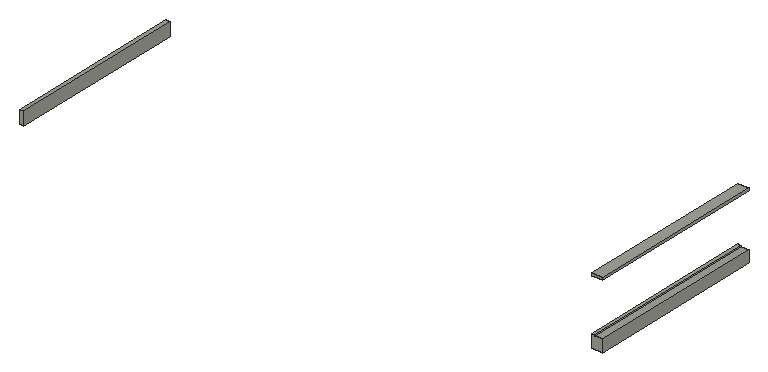
Revit family "CT_Bloco_C_Perfil", category Structural Framing, Revit 2025
Family settings
  Display in Hidden Views = Edges Hidden by Other Members
  Structural Framing Length Roundoff = 0.000 m
  Section Shape = Not Defined
  Material for Model Behavior = Concrete
  Always export as geometry = No
  Work Plane-Based = No
  Always vertical = Yes
  Cut with Voids When Loaded = Yes
  Symbolic Representation = From Family
  Shared = No
  Show family pre-cut in plan views = Yes
Parameters
  Structural Material [instance] = CT_Concreto
  Material_Viga_Janelas [instance] = CT_Concreto
  Comprimento [instance] = 7.500 m
Reference planes (m)
  plane 1 "Centro (Frente/Trás)": y = 0
  plane 2: z = 0
  plane 3 "Centro (Esquerda/Direita)": x = 0
Forms (m)
  Extrusion 1, solid, material "CT_Concreto" <- "Structural Material"
    sketch origin (0, 0, 0.06) x (1, 0, 0) y (0, 0, 1)
      loop
        line (9.6249, 4.15) -> (9.6249, 4.65) -> (9.3249, 4.65) -> (9.3249, 4.7) -> (9.1749, 4.7) -> (9.1749, 4.15) -> (9.6249, 4.15)
      loop
        line (-14.3501, 4.15) -> (-14.2001, 4.15) -> (-14.2001, 4.7) -> (-14.3501, 4.7) -> (-14.3501, 4.15)
    from 0 to 7.5
  Extrusion 2, solid, material "CT_Concreto" <- "Material_Viga_Janelas"
    sketch origin (0, 0, 0.06) x (1, 0, 0) y (0, 0, 1)
      loop
        line (9.6249, 6.92) -> (9.1749, 6.92) -> (9.1749, 6.82) -> (9.6249, 6.82) -> (9.6249, 6.92)
    from 0 to 7.5
Dimensions and locks (m)
  aligned and locked: level to plane 2
